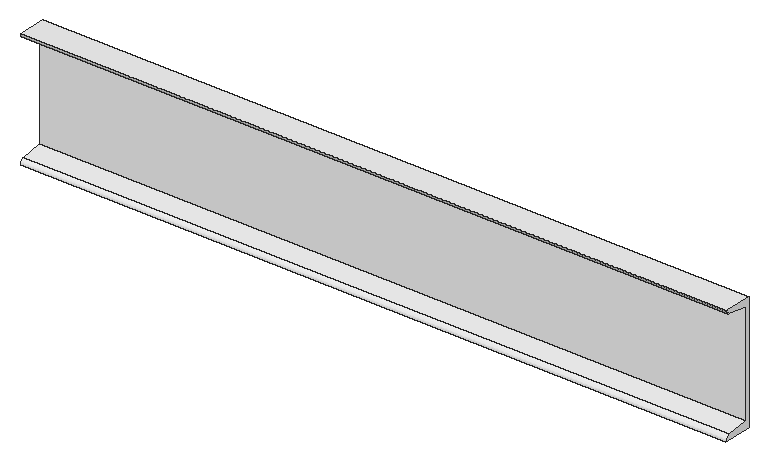
Revit family
Parameters (values of type "MC200X12.6")
  시작 확장 계산 [instance] = 3012.5 mm + 시작 확장  # 3000 mm
  시작 확장 [instance] = -12.5 mm
  끝 확장 계산 [instance] = 3012.5 mm + 끝 확장  # 3000 mm
  끝 확장 [instance] = -12.5 mm
  보 재료 [instance] = 금속 - 스틸 - 345 MPa
  Assembly Code = ""
  A = 0.002 m²
  Length [instance] = 1524 mm
  W = 0.124
  bf = 47.6 mm
  d = 203 mm
  tf = 7.9 mm
  tw = 4.5 mm
  x = 10.9 mm
Reference planes
  plane 1 "중심(앞/뒤)": y = 0
  plane 2: z = 0
  plane 3 "중심(왼쪽/오른쪽)": x = 4.61
  plane 4 "왼쪽 부재": x = -604.99
  plane 5 "오른쪽 부재": x = 614.21
  plane 6: y = 10.9
  plane 7: y = -36.7
  plane 8 "상단": z = 101.5
  plane 9: z = -101.5
  plane 10 "t": y = 17.462
  plane 11 "왼쪽": x = -757.39
  plane 12 "오른쪽": x = 766.61
  plane 13: x = -604.99
  plane 14: x = 614.21
  plane 15: x = 2395.01
  plane 16: x = -2385.79
Forms (mm)
  Sweep 1, solid, material "금속 - 스틸 - 345 MPa" <- "보 재료", detail levels fine
    path origin (0, 0, 0) x (1, 0, 0) y (0, 1, 0)
      loop
        line (614.21, 0) -> (-604.99, 0)
    profile "M_MC-채널-프로파일-섬세 : M_MC-채널-프로파일-섬세" origin (4.61, 0, 0) x (0, -1, 0) y (0, 0, 1)
      loop
        line (-10.9, -101.5) -> (36.7, -101.5)
        arc (36.7, -101.5) -> (34.386, -95.914) -> (28.8, -93.6) r 7.9
        line (28.8, -93.6) -> (-6.4, -88.025) -> (-6.4, 88.025) -> (28.8, 93.6)
        arc (28.8, 93.6) -> (34.386, 95.914) -> (36.7, 101.5) r 7.9
        line (36.7, 101.5) -> (-10.9, 101.5) -> (-10.9, -101.5)
  Sweep 2, solid, material "금속 - 스틸 - 345 MPa" <- "보 재료", detail levels medium
    path origin (0, 0, 0) x (1, 0, 0) y (0, 1, 0)
      loop
        line (614.21, 0) -> (-604.99, 0)
    profile "M_MC-채널-프로파일-중간 : M_MC-채널-프로파일-중간" origin (4.61, 0, 0) x (0, -1, 0) y (0, 0, 1)
      loop
        line (-10.9, -101.5) -> (36.7, -101.5) -> (36.7, -93.6) -> (-6.4, -86.774) -> (-6.4, 86.774) -> (36.7, 93.6) -> (36.7, 101.5) -> (-10.9, 101.5) -> (-10.9, -101.5)
Lines and regions (mm)
  symbolic lines, style "숨겨진 면", detail levels medium+fine
    curve 1: line (-604.99, 17.462, 0) -> (614.21, 17.462, 0)
    curve 2: line (-604.99, 17.462, 88.031) -> (614.21, 17.462, 88.031)
    curve 3: line (-604.99, 17.462, -88.031) -> (614.21, 17.462, -88.031)
  symbolic lines, style "기호 부착", detail levels coarse
    curve 4: line (4.61, 10.9, 101.5) -> (4.61, -36.7, 101.5)
    curve 5: line (4.61, 10.9, -101.5) -> (4.61, 10.9, 101.5)
    curve 6: line (4.61, -36.7, -101.5) -> (4.61, 10.9, -101.5)
Dimensions and locks
  "bf": plane 6 to plane 7
  "d": plane 9 to plane 8 "상단"
  "x": plane 6 to plane 1 "중심(앞/뒤)"
  equal spacing: plane 9, plane 2, plane 8 "상단"
  "Length": plane 11 "왼쪽" to plane 12 "오른쪽"
  locked: plane 4 "왼쪽 부재" to plane 15 at 3000
  locked: plane 16 to plane 5 "오른쪽 부재" at 3000
  "시작 확장 계산": plane 13 to plane 15
  "끝 확장 계산": plane 16 to plane 14
  aligned and locked: Sweep 1 sketch curve to plane 1 "중심(앞/뒤)"
  aligned and locked: Sweep 2 sketch curve to plane 1 "중심(앞/뒤)"
  aligned and locked: curve 4 to Sweep 2
  aligned and locked: curve 5 to Sweep 2
  aligned and locked: Sweep 2 to curve 6
  aligned and locked: Sweep 2 to curve 4
  aligned and locked: curve 6 to Sweep 2
  aligned and locked: plane 13 to Sweep 2 sketch curve
  aligned and locked: plane 14 to Sweep 2 sketch curve
  aligned and locked: plane 13 to Sweep 1 sketch curve
  aligned and locked: plane 14 to Sweep 1 sketch curve
  aligned and locked: plane 13 to curve 1
  aligned and locked: plane 14 to curve 1
Automatic sketch dimensions
  curve 1 to plane 10 "t" = 0 mm
  curve 3 to plane 4 "왼쪽 부재" = 0 mm
  curve 2 to plane 4 "왼쪽 부재" = 0 mm
  curve 3 to plane 5 "오른쪽 부재" = 0 mm
  curve 2 to plane 5 "오른쪽 부재" = 0 mm
  curve 3 to plane 9 = 13.469 mm
  plane 8 "상단" to curve 2 = 13.469 mm
